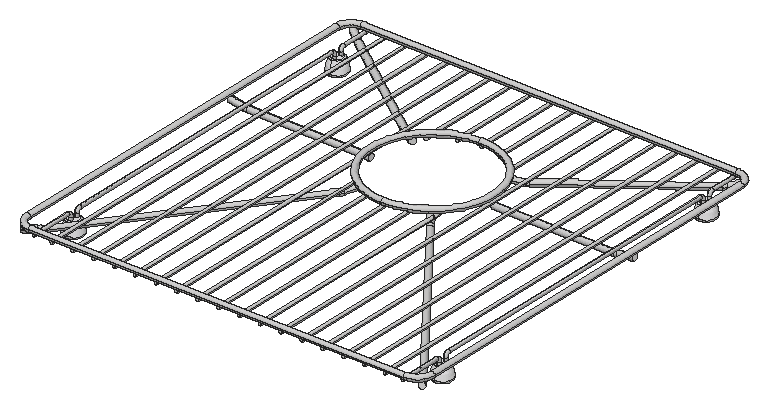
Revit family "Accessory-Sink_Rack-KOHLER-Lyric-K-23381", category Specialty Equipment, host Face, Revit 2021 (continued)
Definition of nested family "K-23381"
  Lines and regions (in)
    symbolic lines, detail levels medium+fine
      curve 170: line (5.09337, -6.27808, 0) -> (5.29099, -6.27808, 0)
      curve 171: arc (5.54895, -6.27808, 0) -> (5.49703, -6.33, 0) -> (5.54895, -6.38193, 0) r 0.05192
      curve 172: arc (5.29099, -6.27808, 0) -> (5.34292, -6.33, 0) -> (5.29099, -6.38193, 0) r 0.05192
      curve 173: arc (5.64592, -6.27808, 0) -> (5.41997, -6.09816, 0) -> (5.19402, -6.27808, 0) r 0.23184
      curve 174: arc (5.19402, -6.38193, 0) -> (5.41997, -6.56184, 0) -> (5.64592, -6.38193, 0) r 0.23184
      curve 175: line (-7.12944, 0, 0.84252) -> (7.12944, 0, 0.84252)
      curve 176: spline (-6.971, 0, 0.74143) -> (-6.97041, 0, 0.76631) -> (-6.97525, 0, 0.78949) -> (-6.98518, 0, 0.80939) -> (-6.99952, 0, 0.82467) -> (-7.01731, 0, 0.83427) -> (-7.03732, 0, 0.83754) -> (-7.05819, 0, 0.83427) -> (-7.0785, 0, 0.82467) -> (-7.09687, 0, 0.80939) -> (-7.11204, 0, 0.78949) -> (-7.12299, 0, 0.76631) -> (-7.12896, 0, 0.74143)
      curve 177: spline (-7.08405, 0, 0.64909) -> (-7.07252, 0, 0.64609) -> (-7.06045, 0, 0.64536) -> (-7.04814, 0, 0.64691) -> (-7.03587, 0, 0.6507) -> (-7.02394, 0, 0.65665) -> (-7.01262, 0, 0.66462) -> (-7.00219, 0, 0.67441) -> (-6.9929, 0, 0.6858) -> (-6.98497, 0, 0.69851) -> (-6.97858, 0, 0.71224) -> (-6.97388, 0, 0.72666) -> (-6.971, 0, 0.74143)
      curve 178: line (-7.01579, 0, 0.83373) -> (-6.76612, 0, 0.74118)
      curve 179: arc (-6.76612, 0, 0.74118) -> (-6.74484, 0, 0.73549) -> (-6.72287, 0, 0.73388) r 0.11739
      curve 180: line (-6.72287, 0, 0.73388) -> (-6.144, 0, 0.73388)
      curve 181: line (-6.11008, 0, 0.56875) -> (-5.69414, 0, 0.56875)
      curve 182: arc (-6.14105, 0, 0.54796) -> (-6.14344, 0, 0.54208) -> (-6.14579, 0, 0.5362) r 1.24012
      curve 183: arc (-6.11008, 0, 0.56875) -> (-6.12873, 0, 0.56307) -> (-6.14105, 0, 0.54796) r 0.03347
      curve 184: arc (-5.66317, 0, 0.54796) -> (-5.66079, 0, 0.54208) -> (-5.65843, 0, 0.5362) r 1.24012
      curve 185: arc (-5.69414, 0, 0.56875) -> (-5.67549, 0, 0.56307) -> (-5.66317, 0, 0.54796) r 0.03347
      curve 186: line (-6.08888, 0, 0.56875) -> (-6.08888, 0, 0.67876)
      curve 187: line (-5.98475, 0, 0.56875) -> (-5.98475, 0, 0.6794)
      curve 188: arc (-6.08888, 0, 0.67876) -> (-6.10503, 0, 0.71774) -> (-6.144, 0, 0.73388) r 0.05512
      curve 189: arc (-5.98475, 0, 0.6794) -> (-6.02993, 0, 0.79216) -> (-6.14047, 0, 0.84252) r 0.1633
      curve 190: line (-5.71534, 0, 0.56875) -> (-5.71534, 0, 0.67876)
      curve 191: line (-5.81947, 0, 0.56875) -> (-5.81947, 0, 0.6794)
      curve 192: arc (-5.71534, 0, 0.67876) -> (-5.6992, 0, 0.71774) -> (-5.66022, 0, 0.73388) r 0.05512
      curve 193: arc (-5.81947, 0, 0.6794) -> (-5.77429, 0, 0.79216) -> (-5.66375, 0, 0.84252) r 0.1633
      curve 194: line (-3.20421, 0, 0.73388) -> (-5.66022, 0, 0.73388)
      curve 195: line (5.62794, 0, 0.56875) -> (5.21201, 0, 0.56875)
      curve 196: arc (5.62794, 0, 0.56875) -> (5.64659, 0, 0.56307) -> (5.65891, 0, 0.54796) r 0.03347
      curve 197: arc (5.21201, 0, 0.56875) -> (5.19335, 0, 0.56307) -> (5.18103, 0, 0.54796) r 0.03347
      curve 198: line (5.60674, 0, 0.56875) -> (5.60674, 0, 0.67876)
      curve 199: line (5.50261, 0, 0.56875) -> (5.50261, 0, 0.6794)
      curve 200: arc (5.60674, 0, 0.67876) -> (5.62289, 0, 0.71774) -> (5.66186, 0, 0.73388) r 0.05512
      curve 201: arc (5.50261, 0, 0.6794) -> (5.54779, 0, 0.79216) -> (5.65834, 0, 0.84252) r 0.1633
      curve 202: line (5.2332, 0, 0.56875) -> (5.2332, 0, 0.67876)
      curve 203: line (5.33733, 0, 0.56875) -> (5.33733, 0, 0.6794)
      curve 204: arc (5.2332, 0, 0.67876) -> (5.21706, 0, 0.71774) -> (5.17809, 0, 0.73388) r 0.05512
      curve 205: arc (5.33733, 0, 0.6794) -> (5.29215, 0, 0.79216) -> (5.18161, 0, 0.84252) r 0.1633
      curve 206: arc (5.18103, 0, 0.54796) -> (5.17865, 0, 0.54208) -> (5.17629, 0, 0.5362) r 1.24012
      curve 207: arc (5.65891, 0, 0.54796) -> (5.6613, 0, 0.54208) -> (5.66366, 0, 0.5362) r 1.24012
      curve 208: line (5.17809, 0, 0.73388) -> (-0.45244, 0, 0.73388)
      curve 209: spline (-2.16093, 0, 0.74104) -> (-2.15757, 0, 0.71595) -> (-2.14774, 0, 0.69257) -> (-2.1321, 0, 0.6725) -> (-2.11171, 0, 0.65709) -> (-2.08797, 0, 0.64741) -> (-2.0625, 0, 0.64411) -> (-2.03703, 0, 0.64741) -> (-2.01329, 0, 0.65709) -> (-1.9929, 0, 0.6725) -> (-1.97726, 0, 0.69257) -> (-1.96743, 0, 0.71595) -> (-1.96407, 0, 0.74104) -> (-1.96743, 0, 0.76612) -> (-1.97726, 0, 0.7895) -> (-1.9929, 0, 0.80958) -> (-2.01329, 0, 0.82498) -> (-2.03703, 0, 0.83466) -> (-2.0625, 0, 0.83797) -> (-2.08797, 0, 0.83466) -> (-2.11171, 0, 0.82498) -> (-2.1321, 0, 0.80958) -> (-2.14774, 0, 0.7895) -> (-2.15757, 0, 0.76612) -> (-2.16093, 0, 0.74104)
      curve 210: spline (6.971, 0, 0.74143) -> (6.97041, 0, 0.76631) -> (6.97525, 0, 0.78949) -> (6.98518, 0, 0.80939) -> (6.99952, 0, 0.82467) -> (7.01731, 0, 0.83427) -> (7.03732, 0, 0.83754) -> (7.05819, 0, 0.83427) -> (7.0785, 0, 0.82467) -> (7.09687, 0, 0.80939) -> (7.11204, 0, 0.78949) -> (7.12299, 0, 0.76631) -> (7.12896, 0, 0.74143)
      curve 211: spline (7.08405, 0, 0.64909) -> (7.07252, 0, 0.64609) -> (7.06045, 0, 0.64536) -> (7.04814, 0, 0.64691) -> (7.03587, 0, 0.6507) -> (7.02394, 0, 0.65665) -> (7.01262, 0, 0.66462) -> (7.00219, 0, 0.67441) -> (6.9929, 0, 0.6858) -> (6.98497, 0, 0.69851) -> (6.97858, 0, 0.71224) -> (6.97388, 0, 0.72666) -> (6.971, 0, 0.74143)
      curve 212: line (7.01579, 0, 0.83373) -> (6.76612, 0, 0.74118)
      curve 213: arc (6.76612, 0, 0.74118) -> (6.74484, 0, 0.73549) -> (6.72287, 0, 0.73388) r 0.11739
      curve 214: line (5.66186, 0, 0.73388) -> (6.72287, 0, 0.73388)
      curve 215: spline (0, 6.64391, 0.74143) -> (0, 6.64151, 0.76631) -> (0, 6.64327, 0.78949) -> (0, 6.64908, 0.80939) -> (0, 6.65854, 0.82467) -> (0, 6.671, 0.83427) -> (0, 6.68562, 0.83754) -> (0, 6.70141, 0.83427) -> (0, 6.71727, 0.82467) -> (0, 6.73214, 0.80939) -> (0, 6.745, 0.78949) -> (0, 6.75498, 0.76631) -> (0, 6.76138, 0.74143)
      curve 216: spline (0, 6.76138, 0.74143) -> (0, 6.76379, 0.71656) -> (0, 6.76203, 0.69338) -> (0, 6.75622, 0.67347) -> (0, 6.74676, 0.6582) -> (0, 6.73429, 0.64859) -> (0, 6.71967, 0.64532) -> (0, 6.70389, 0.64859) -> (0, 6.68802, 0.6582) -> (0, 6.67315, 0.67347) -> (0, 6.66029, 0.69338) -> (0, 6.65032, 0.71656) -> (0, 6.64391, 0.74143)
      curve 217: line (0, 6.72188, 0.64486) -> (0, 6.44764, 0.57021)
      curve 218: line (0, 6.08576, 0.53566) -> (0, 6.18914, 0.53566)
      curve 219: arc (0, 6.18914, 0.53566) -> (0, 6.31954, 0.54434) -> (0, 6.44764, 0.57021) r 0.98425
      curve 220: arc (0, 6.27808, 0.78908) -> (0, 6.33, 0.73716) -> (0, 6.38193, 0.78908) r 0.05192
      curve 221: line (0, 6.38193, 0.75406) -> (0, 6.34945, 0.74094)
      curve 222: line (0, 6.27808, 0.73274) -> (0, 6.33423, 0.73733)
      curve 223: line (0, 6.93334, 0.83979) -> (0, 6.7355, 0.80491)
      curve 224: line (0, 6.93334, 0.83979) -> (0, 6.68844, 0.83965)
      curve 225: line (0, 6.84249, 0.622) -> (0, 6.54338, 0.56926)
      curve 226: line (0, 6.53914, 0.56955) -> (0, 6.44519, 0.56955)
      curve 227: arc (0, 6.57608, 0.53099) -> (0, 6.57217, 0.54063) -> (0, 6.56818, 0.55025) r 1.24012
      curve 228: arc (0, 6.56818, 0.55025) -> (0, 6.55658, 0.56428) -> (0, 6.53914, 0.56955) r 0.0315
      curve 229: line (0, 6.34178, 0.83965) -> (0, -6.93336, 0.83965)
      curve 230: spline (0, 1.62344, 0.72868) -> (0, 1.62589, 0.70347) -> (0, 1.63215, 0.68009) -> (0, 1.64177, 0.66011) -> (0, 1.65412, 0.64487) -> (0, 1.66837, 0.63541) -> (0, 1.68354, 0.63237) -> (0, 1.69862, 0.63595) -> (0, 1.71259, 0.6459) -> (0, 1.72451, 0.66157) -> (0, 1.73356, 0.68188) -> (0, 1.73915, 0.70548) -> (0, 1.74089, 0.73076)
      curve 231: line (0, 1.68335, 0.63237) -> (0, 1.93067, 0.56145)
      curve 232: arc (0, 1.93067, 0.56145) -> (0, 2.01568, 0.54301) -> (0, 2.10236, 0.53588) r 0.66239
      curve 233: spline (0, 1.74089, 0.73076) -> (0, 1.73931, 0.75719) -> (0, 1.73355, 0.782) -> (0, 1.72403, 0.8034) -> (0, 1.71146, 0.81981) -> (0, 1.69675, 0.83004) -> (0, 1.68096, 0.83335) -> (0, 1.66526, 0.82949) -> (0, 1.65079, 0.81874) -> (0, 1.63861, 0.80189) -> (0, 1.62959, 0.78017) -> (0, 1.62441, 0.75516) -> (0, 1.62344, 0.72868)
      curve 234: spline (0, 1.35615, 0.72496) -> (0, 1.35338, 0.69972) -> (0, 1.34553, 0.67628) -> (0, 1.33313, 0.65623) -> (0, 1.31703, 0.64092) -> (0, 1.29831, 0.6314) -> (0, 1.27823, 0.62829) -> (0, 1.25816, 0.63182) -> (0, 1.23946, 0.64175) -> (0, 1.22338, 0.6574) -> (0, 1.21101, 0.67771) -> (0, 1.2032, 0.70132) -> (0, 1.20046, 0.72662)
      curve 235: spline (0, 1.20046, 0.72662) -> (0, 1.20226, 0.75303) -> (0, 1.20959, 0.77783) -> (0, 1.22193, 0.79923) -> (0, 1.23838, 0.81566) -> (0, 1.25774, 0.82592) -> (0, 1.27859, 0.82928) -> (0, 1.29943, 0.82548) -> (0, 1.31872, 0.8148) -> (0, 1.33508, 0.79802) -> (0, 1.3473, 0.77636) -> (0, 1.3545, 0.75141) -> (0, 1.35615, 0.72496)
      curve 236: arc (0, 1.3773, 0.79693) -> (0, 1.41178, 0.7398) -> (0, 1.47492, 0.7614) r 0.05315
      curve 237: spline (0, -6.64391, 0.74143) -> (0, -6.64151, 0.76631) -> (0, -6.64327, 0.78949) -> (0, -6.64908, 0.80939) -> (0, -6.65854, 0.82467) -> (0, -6.671, 0.83427) -> (0, -6.68562, 0.83754) -> (0, -6.70141, 0.83427) -> (0, -6.71727, 0.82467) -> (0, -6.73214, 0.80939) -> (0, -6.745, 0.78949) -> (0, -6.75498, 0.76631) -> (0, -6.76138, 0.74143)
      curve 238: spline (0, -6.76138, 0.74143) -> (0, -6.76379, 0.71656) -> (0, -6.76203, 0.69338) -> (0, -6.75622, 0.67347) -> (0, -6.74676, 0.6582) -> (0, -6.73429, 0.64859) -> (0, -6.71967, 0.64532) -> (0, -6.70389, 0.64859) -> (0, -6.68802, 0.6582) -> (0, -6.67315, 0.67347) -> (0, -6.66029, 0.69338) -> (0, -6.65032, 0.71656) -> (0, -6.64391, 0.74143)
      curve 239: line (0, -6.72515, 0.64575) -> (0, -6.44764, 0.57021)
      curve 240: line (0, -6.08576, 0.53566) -> (0, -6.18914, 0.53566)
      curve 241: arc (0, -6.18914, 0.53566) -> (0, -6.31954, 0.54434) -> (0, -6.44764, 0.57021) r 0.98425
      curve 242: arc (0, -6.27808, 0.78908) -> (0, -6.33, 0.73716) -> (0, -6.38193, 0.78908) r 0.05192
      curve 243: line (0, -6.38193, 0.75406) -> (0, -6.34945, 0.74094)
      curve 244: line (0, -6.27808, 0.73274) -> (0, -6.33423, 0.73733)
      curve 245: line (0, -6.93334, 0.83979) -> (0, -6.7355, 0.80491)
      curve 246: line (0, -6.93334, 0.83979) -> (0, -6.68844, 0.83965)
      curve 247: line (0, -6.84249, 0.622) -> (0, -6.54338, 0.56926)
      curve 248: line (0, -6.53914, 0.56955) -> (0, -6.44519, 0.56955)
      curve 249: arc (0, -6.56818, 0.55025) -> (0, -6.55658, 0.56428) -> (0, -6.53914, 0.56955) r 0.0315
      curve 250: spline (0, -1.62344, 0.72868) -> (0, -1.62589, 0.70347) -> (0, -1.63215, 0.68009) -> (0, -1.64177, 0.66011) -> (0, -1.65412, 0.64487) -> (0, -1.66837, 0.63541) -> (0, -1.68354, 0.63237) -> (0, -1.69862, 0.63595) -> (0, -1.71259, 0.6459) -> (0, -1.72451, 0.66157) -> (0, -1.73356, 0.68188) -> (0, -1.73915, 0.70548) -> (0, -1.74089, 0.73076)
      curve 251: line (0, -1.68335, 0.63237) -> (0, -1.93067, 0.56145)
      curve 252: arc (0, -1.93067, 0.56145) -> (0, -2.01568, 0.54301) -> (0, -2.10236, 0.53588) r 0.66239
      curve 253: spline (0, -1.74089, 0.73076) -> (0, -1.73931, 0.75719) -> (0, -1.73355, 0.782) -> (0, -1.72403, 0.8034) -> (0, -1.71146, 0.81981) -> (0, -1.69675, 0.83004) -> (0, -1.68096, 0.83335) -> (0, -1.66526, 0.82949) -> (0, -1.65079, 0.81874) -> (0, -1.63861, 0.80189) -> (0, -1.62959, 0.78017) -> (0, -1.62441, 0.75516) -> (0, -1.62344, 0.72868)
      curve 254: spline (0, -1.35615, 0.72496) -> (0, -1.35338, 0.69972) -> (0, -1.34553, 0.67628) -> (0, -1.33313, 0.65623) -> (0, -1.31703, 0.64092) -> (0, -1.29831, 0.6314) -> (0, -1.27823, 0.62829) -> (0, -1.25816, 0.63182) -> (0, -1.23946, 0.64175) -> (0, -1.22338, 0.6574) -> (0, -1.21101, 0.67771) -> (0, -1.2032, 0.70132) -> (0, -1.20046, 0.72662)
      curve 255: spline (0, -1.20046, 0.72662) -> (0, -1.20226, 0.75303) -> (0, -1.20959, 0.77783) -> (0, -1.22193, 0.79923) -> (0, -1.23838, 0.81566) -> (0, -1.25774, 0.82592) -> (0, -1.27859, 0.82928) -> (0, -1.29943, 0.82548) -> (0, -1.31872, 0.8148) -> (0, -1.33508, 0.79802) -> (0, -1.3473, 0.77636) -> (0, -1.3545, 0.75141) -> (0, -1.35615, 0.72496)
      curve 256: arc (0, -1.3773, 0.79693) -> (0, -1.41178, 0.7398) -> (0, -1.47492, 0.7614) r 0.05315
      curve 257: arc (0, -6.57608, 0.53099) -> (0, -6.57217, 0.54063) -> (0, -6.56818, 0.55025) r 1.24012
  Dimensions and locks (in)
    plane 4 to plane 5 = 14.44094"
    plane 14 to plane 13 = 14.05906"
    plane 4 to plane 6 = 5.16142"
    aligned and locked: plane 2 to level
